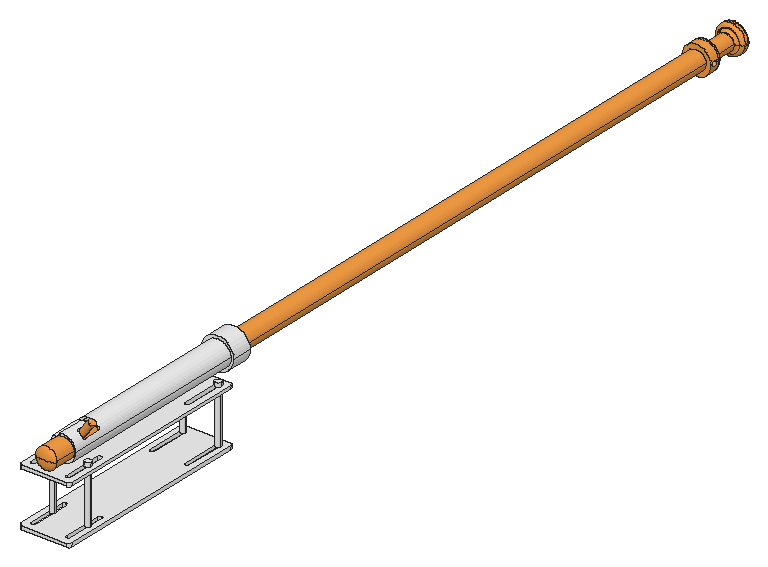
Revit family "Post-Precision_Ladders-Extend-A-Rail_Ladder_Safety_Post", category Specialty Equipment, host Face, Revit 2014
Parameters (values of type "Extended")
  Width = 0' - 4"
  URL = "http://www.precisionladders.com"
  Retracted [instance] = no
  Required Bracket Spacing [instance] = 0' - 4"
  Product Page URL = "http://www.precisionladders.com"
  Product Name = "Extend-A-Rail"  # constant formula
  Product Documentation Link = "http://www.precisionladders.com/assets/pladders/files/resources/Miscellaneous/c~Extend-A-Rail%20Ladder%20Safety%20Post/er-1.pdf"
  Model = "ER-1"  # constant formula
  Material = ""
  Manufacturer = "Precision Ladders,LLC"  # constant formula
  Length = 5' - 7 11/16"
  Finish = Polyurethane - Precision Ladders LLC - Safety Cap
  Extended [instance] = not(Retracted)  # yes
  Description = "Rail Extension"  # constant formula
  Default Elevation = 4' - 0"
  Additional Mat Finishes = Metal - Precision Ladders LLC - Aluminium
Types (3): name | Retracted | Required Bracket Spacing | Extended
  (no name) | no | 0' - 4" | yes
  Extended | no | 0' - 4" | yes
  Retracted | yes | 0' - 6" | no
Reference planes (in)
  plane 1 "Center (Front/Back)": y = 0
  plane 2: z = 0
  plane 3 "Center (Left/Right)": x = 0
  plane 4: z = 0.25
  plane 5: z = -4
  plane 6: z = -4.25
  plane 7: z = 0.5
  plane 8: z = -4.5
  plane 9: y = 58.9375
  plane 10: y = 58.6875
  plane 11: y = 57.0625
  plane 12: y = 56.8125
  plane 13: y = 13.6875
  plane 14: y = 13.4375
  plane 15: y = 11.8125
  plane 16: y = 11.5625
Forms (in)
  Extrusion 1, solid, material "Metal - Precision Ladders LLC - Aluminium" <- "Additional Mat Finishes"
    sketch origin (0, 0, 0) x (1, 0, 0) y (0, 1, 0)
      loop
        line (-2, 7.75) -> (-2, -7.75)
        arc (-2, -7.75) -> (-1.92678, -7.92678) -> (-1.75, -8) r 0.25
        line (-1.75, -8) -> (1.75, -8)
        arc (1.75, -8) -> (1.92678, -7.92678) -> (2, -7.75) r 0.25
        line (2, -7.75) -> (2, 7.75)
        arc (2, 7.75) -> (1.92678, 7.92678) -> (1.75, 8) r 0.25
        line (1.75, 8) -> (-1.75, 8)
        arc (-1.75, 8) -> (-1.92678, 7.92678) -> (-2, 7.75) r 0.25
      loop
        line (-1.5625, 7.3125) -> (-1.5625, 4.3125)
        arc (-1.5625, 4.3125) -> (-1.375, 4.125) -> (-1.1875, 4.3125) r 0.1875
        line (-1.1875, 4.3125) -> (-1.1875, 7.3125)
        arc (-1.1875, 7.3125) -> (-1.375, 7.5) -> (-1.5625, 7.3125) r 0.1875
      loop
        arc (1.5625, 7.3125) -> (1.375, 7.5) -> (1.1875, 7.3125) r 0.1875
        line (1.1875, 7.3125) -> (1.1875, 4.3125)
        arc (1.1875, 4.3125) -> (1.375, 4.125) -> (1.5625, 4.3125) r 0.1875
        line (1.5625, 4.3125) -> (1.5625, 7.3125)
      loop
        arc (-1.5625, -7.3125) -> (-1.375, -7.5) -> (-1.1875, -7.3125) r 0.1875
        line (-1.1875, -7.3125) -> (-1.1875, -4.3125)
        arc (-1.1875, -4.3125) -> (-1.375, -4.125) -> (-1.5625, -4.3125) r 0.1875
        line (-1.5625, -4.3125) -> (-1.5625, -7.3125)
      loop
        line (1.5625, -7.3125) -> (1.5625, -4.3125)
        arc (1.5625, -4.3125) -> (1.375, -4.125) -> (1.1875, -4.3125) r 0.1875
        line (1.1875, -4.3125) -> (1.1875, -7.3125)
        arc (1.1875, -7.3125) -> (1.375, -7.5) -> (1.5625, -7.3125) r 0.1875
    from 0 to 0.25
  Sweep 2, solid, material "Polyurethane - Precision Ladders LLC - Safety Cap" <- "Finish", visible <- "Extended"
    path origin (0, 0, 0) x (1, 0, 0) y (0, 1, 0)
      loop
        line (0, 10.5625) -> (0, 55.8125)
    profile origin (0, 33.1875, 0) x (-1, 0, 0) y (0, 0, 1)
      loop
        circle (0, 1.25) r 0.75
  Sweep 3, solid, material "Metal - Precision Ladders LLC - Aluminium" <- "Additional Mat Finishes"
    path origin (0, 0, 0) x (1, 0, 0) y (0, 1, 0)
      loop
        line (0, 10.5625) -> (0, 9)
    profile origin (0, 9.78125, 0) x (1, 0, 0) y (0, 0, 1)
      loop
        circle (0, 1.25) r 1.25
  Sweep 4, solid, material "Metal - Precision Ladders LLC - Aluminium" <- "Additional Mat Finishes"
    path origin (0, 0, 0) x (1, 0, 0) y (0, 1, 0)
      loop
        line (0, 9) -> (0, -6.125)
    profile origin (0, 1.4375, 0) x (1, 0, 0) y (0, 0, 1)
      loop
        circle (0, 1.25) r 1
      loop
        circle (0, 1.25) r 0.8125
  Sweep 5, solid, material "Polyurethane - Precision Ladders LLC - Safety Cap" <- "Finish", visible <- "Extended"
    path origin (0, 0, 0) x (1, 0, 0) y (0, 1, 0)
      loop
        line (0, 9) -> (0, -7.75)
    profile origin (0, 0.625, 0) x (1, 0, 0) y (0, 0, 1)
      loop
        circle (0, 1.25) r 0.8125
  Revolve 6, solid, material "Polyurethane - Precision Ladders LLC - Safety Cap" <- "Finish", visible <- "Extended"
    sketch origin (0, 0, 1.25) x (1, 0, 0) y (0, 1, 0)
      loop
        line (0, -7.75) -> (0, -8.0625)
        spline (0, -8.0625) -> (0.10605, -8.05983) -> (0.21029, -8.05185) -> (0.31093, -8.03871) -> (0.40625, -8.02063) -> (0.49462, -7.99792) -> (0.57452, -7.97097) -> (0.6446, -7.94024) -> (0.70365, -7.90625) -> (0.75065, -7.86959) -> (0.78481, -7.83088) -> (0.80555, -7.79079) -> (0.8125, -7.75)
        line (0.8125, -7.75) -> (0, -7.75)
      axis (0, -7.75) -> (0, -8.0625)
    angle from 0 to 360
  Sweep 7, void
    path origin (0, 0, 0) x (1, 0, 0) y (0, 1, 0)
      loop
        line (-0.5, -6.125) -> (-0.5, -3.625)
    profile origin (-0.5, -4.875, 0) x (-1, 0, 0) y (0, 0, 1)
      loop
        line (0.10938, 1.78742) -> (0.25, 1.91144)
        arc (0.25, 1.91144) -> (0.023, 2.10233) -> (-0.25, 2.21825) r 1
        line (-0.25, 2.21825) -> (-0.29687, 2.0367)
        arc (-0.29687, 2.0367) -> (-0.07506, 1.94252) -> (0.10938, 1.78742) r 0.8125
  Extrusion 8, void
    sketch origin (0, 0, -0.25) x (1, 0, 0) y (0, 0, 1)
      loop
        line (-0.75, 2.16144) -> (-0.60937, 2.03742)
        arc (-0.60937, 2.03742) -> (0.00589, 2.31248) -> (0.6171, 2.02853) r 0.8125
        line (0.6171, 2.02853) -> (0.75, 2.16144)
        arc (0.75, 2.16144) -> (0, 2.5) -> (-0.75, 2.16144) r 1
    from 3.625 to 4.125
  Sweep 9, solid, material "Polyurethane - Precision Ladders LLC - Safety Cap" <- "Finish", visible <- "Extended"
    path origin (0, 0, 0) x (1, 0, 0) y (0, 1, 0)
      loop
        line (0, 55.8125) -> (0, 56.5625)
    profile origin (0, 56.1875, 0) x (-1, 0, 0) y (0, 0, 1)
      loop
        circle (0, 1.25) r 1.125
  Sweep 10, void
    path origin (0, 0, 1.25) x (1, 0, 0) y (0, 1, 0)
      loop
        line (-1.17105, 56.1875) -> (1.1582, 56.1875)
    profile origin (-0.00643, 56.1875, 1.25) x (0, 1, 0) y (0, 0, 1)
      loop
        circle (0, 0) r 0.25
  Sweep 11, solid, material "Polyurethane - Precision Ladders LLC - Safety Cap" <- "Finish", visible <- "Extended"
    path origin (0, 0, 0) x (1, 0, 0) y (0, 0, 1)
      loop
        line (0, 1.20662) -> (1.35408, 3.00355)
    profile origin (0.67704, 0, 2.10508) x (-0.798636, 0, 0.601815) y (0, -1, 0)
      loop
        circle (0, 5) r 0.25
  Revolve 12, solid, material "Polyurethane - Precision Ladders LLC - Safety Cap" <- "Finish", visible <- "Extended"
    sketch origin (0, 0, 1.25) x (1, 0, 0) y (0, 1, 0)
      loop
        line (0, 56.5625) -> (0, 56.8125) -> (-0.875, 56.8125)
        arc (-0.875, 56.8125) -> (-1.05178, 56.73928) -> (-1.125, 56.5625) r 0.25
        line (-1.125, 56.5625) -> (0, 56.5625)
      axis (0, 56.8125) -> (0, 56.5625)
    angle from 0 to 360
  Revolve 13, solid, material "Polyurethane - Precision Ladders LLC - Safety Cap" <- "Finish", visible <- "Extended"
    sketch origin (0, 0, 1.25) x (1, 0, 0) y (0, 1, 0)
      loop
        line (0, 56.8125) -> (0, 57.0625) -> (-0.625, 57.0625)
        arc (-0.625, 57.0625) -> (-0.69822, 56.88573) -> (-0.875, 56.8125) r 0.25
        line (-0.875, 56.8125) -> (0, 56.8125)
      axis (0, 56.8125) -> (0, 57.0625)
    angle from 0 to 360
  Sweep 14, solid, material "Polyurethane - Precision Ladders LLC - Safety Cap" <- "Finish", visible <- "Extended"
    path origin (0, 0, 0) x (1, 0, 0) y (0, 1, 0)
      loop
        line (0, 57.0625) -> (0, 58.6875)
    profile origin (0, 57.875, 0) x (-1, 0, 0) y (0, 0, 1)
      loop
        circle (0, 1.25) r 0.625
  Revolve 15, solid, material "Polyurethane - Precision Ladders LLC - Safety Cap" <- "Finish", visible <- "Extended"
    sketch origin (0, 115.75001, 1.25) x (1, 0, 0) y (0, 1, 0)
      loop
        line (0, -56.5625) -> (-1.125, -56.5625)
        arc (-1.125, -56.5625) -> (-1.05178, -56.73928) -> (-0.875, -56.8125) r 0.25
        line (-0.875, -56.8125) -> (0, -56.8125) -> (0, -56.5625)
      axis (0, -56.8125) -> (0, -56.5625)
    angle from 0 to 360
  Revolve 16, solid, material "Polyurethane - Precision Ladders LLC - Safety Cap" <- "Finish", visible <- "Extended"
    sketch origin (0, 115.75001, 1.25) x (1, 0, 0) y (0, 1, 0)
      loop
        line (0, -56.8125) -> (-0.875, -56.8125)
        arc (-0.875, -56.8125) -> (-0.69822, -56.88573) -> (-0.625, -57.0625) r 0.25
        line (-0.625, -57.0625) -> (0, -57.0625) -> (0, -56.8125)
      axis (0, -56.8125) -> (0, -57.0625)
    angle from 0 to 360
  Sweep 17, solid, material "Polyurethane - Precision Ladders LLC - Safety Cap" <- "Finish", visible <- "Extended"
    path origin (0, 0, 0) x (1, 0, 0) y (0, 1, 0)
      loop
        line (0, 59.18751) -> (0, 59.43751)
    profile origin (0, 59.31251, 0) x (-1, 0, 0) y (0, 0, 1)
      loop
        circle (0, 1.25) r 1.125
  Revolve 18, solid, material "Polyurethane - Precision Ladders LLC - Safety Cap" <- "Finish", visible <- "Extended"
    sketch origin (0, 2.87501, 1.25) x (1, 0, 0) y (0, 1, 0)
      loop
        line (0, 56.5625) -> (0, 56.6875) -> (-1, 56.6875)
        arc (-1, 56.6875) -> (-1.08839, 56.65089) -> (-1.125, 56.5625) r 0.125
        line (-1.125, 56.5625) -> (0, 56.5625)
      axis (0, 56.6875) -> (0, 56.5625)
    angle from 0 to 360
  Extrusion 19, solid, material "Metal - Precision Ladders LLC - Aluminium" <- "Additional Mat Finishes"
    sketch origin (0, 0, -4.25) x (1, 0, 0) y (0, 1, 0)
      loop
        line (-2, 7.75) -> (-2, -7.75)
        arc (-2, -7.75) -> (-1.92678, -7.92678) -> (-1.75, -8) r 0.25
        line (-1.75, -8) -> (1.75, -8)
        arc (1.75, -8) -> (1.92678, -7.92678) -> (2, -7.75) r 0.25
        line (2, -7.75) -> (2, 7.75)
        arc (2, 7.75) -> (1.92678, 7.92678) -> (1.75, 8) r 0.25
        line (1.75, 8) -> (-1.75, 8)
        arc (-1.75, 8) -> (-1.92678, 7.92678) -> (-2, 7.75) r 0.25
      loop
        line (-1.5625, 7.3125) -> (-1.5625, 4.3125)
        arc (-1.5625, 4.3125) -> (-1.375, 4.125) -> (-1.1875, 4.3125) r 0.1875
        line (-1.1875, 4.3125) -> (-1.1875, 7.3125)
        arc (-1.1875, 7.3125) -> (-1.375, 7.5) -> (-1.5625, 7.3125) r 0.1875
      loop
        arc (1.5625, 7.3125) -> (1.375, 7.5) -> (1.1875, 7.3125) r 0.1875
        line (1.1875, 7.3125) -> (1.1875, 4.3125)
        arc (1.1875, 4.3125) -> (1.375, 4.125) -> (1.5625, 4.3125) r 0.1875
        line (1.5625, 4.3125) -> (1.5625, 7.3125)
      loop
        arc (-1.5625, -7.3125) -> (-1.375, -7.5) -> (-1.1875, -7.3125) r 0.1875
        line (-1.1875, -7.3125) -> (-1.1875, -4.3125)
        arc (-1.1875, -4.3125) -> (-1.375, -4.125) -> (-1.5625, -4.3125) r 0.1875
        line (-1.5625, -4.3125) -> (-1.5625, -7.3125)
      loop
        line (1.5625, -7.3125) -> (1.5625, -4.3125)
        arc (1.5625, -4.3125) -> (1.375, -4.125) -> (1.1875, -4.3125) r 0.1875
        line (1.1875, -4.3125) -> (1.1875, -7.3125)
        arc (1.1875, -7.3125) -> (1.375, -7.5) -> (1.5625, -7.3125) r 0.1875
    from 0 to 0.25
  Extrusion 20, solid, material "Metal - Precision Ladders LLC - Aluminium" <- "Additional Mat Finishes"
    sketch origin (0, 0, 0) x (1, 0, 0) y (0, 1, 0)
      loop
        circle (-1.375, 7.3125) r 0.1875
      loop
        circle (1.375, 7.3125) r 0.1875
      loop
        circle (1.375, -5.4375) r 0.1875
      loop
        circle (-1.375, -5.4375) r 0.1875
    from -4 to 0.25
  Extrusion 21, solid, material "Metal - Precision Ladders LLC - Aluminium" <- "Additional Mat Finishes"
    sketch origin (0, 0, 0) x (1, 0, 0) y (0, 1, 0)
      loop
        circle (-1.375, 7.3125) r 0.25
      loop
        circle (1.375, 7.3125) r 0.25
      loop
        circle (1.375, -5.4375) r 0.25
      loop
        circle (-1.375, -5.4375) r 0.25
    from -4.5 to -4.25
  Extrusion 22, solid, material "Metal - Precision Ladders LLC - Aluminium" <- "Additional Mat Finishes"
    sketch origin (0, 0, 8) x (1, 0, 0) y (0, 1, 0)
      loop
        circle (-1.375, 7.3125) r 0.25
      loop
        circle (1.375, 7.3125) r 0.25
      loop
        circle (1.375, -5.4375) r 0.25
      loop
        circle (-1.375, -5.4375) r 0.25
    from -7.75 to -7.5
  Sweep 23, void
    path origin (0, 0, 0) x (-1, 0, 0) y (0, 1, 0)
      loop
        line (-0.5, -5.24811) -> (-0.5, -3.625)
    profile origin (0.5, -4.43656, 0) x (-1, 0, 0) y (0, 0, 1)
      loop
        arc (-0.21695, 1.63229) -> (-0.02672, 1.86865) -> (0.23696, 2.01874) r 0.8125
        line (0.23696, 2.01874) -> (0.18997, 2.20073)
        arc (0.18997, 2.20073) -> (-0.12564, 2.03011) -> (-0.36072, 1.75908) r 1
        line (-0.36072, 1.75908) -> (-0.21695, 1.63229)
  Sweep 24, solid, material "Polyurethane - Precision Ladders LLC - Safety Cap" <- "Finish", visible <- "Retracted"
    path origin (0, -45.25, 0) x (1, 0, 0) y (0, 1, 0)
      loop
        line (0, 55.8125) -> (0, -7.75)
    profile origin (0, -21.21875, 0) x (1, 0, 0) y (0, 0, 1)
      loop
        circle (0, 1.25) r 0.8125
  Revolve 25, solid, material "Polyurethane - Precision Ladders LLC - Safety Cap" <- "Finish", visible <- "Retracted"
    sketch origin (0, -45.25, 1.25) x (1, 0, 0) y (0, 1, 0)
      loop
        line (0, -7.75) -> (0, -8.0625)
        spline (0, -8.0625) -> (0.10605, -8.05983) -> (0.21029, -8.05185) -> (0.31093, -8.03871) -> (0.40625, -8.02063) -> (0.49462, -7.99792) -> (0.57452, -7.97097) -> (0.6446, -7.94024) -> (0.70365, -7.90625) -> (0.75065, -7.86959) -> (0.78481, -7.83088) -> (0.80555, -7.79079) -> (0.8125, -7.75)
        line (0.8125, -7.75) -> (0, -7.75)
      axis (0, -7.75) -> (0, -8.0625)
    angle from 0 to 360
  Sweep 26, solid, material "Polyurethane - Precision Ladders LLC - Safety Cap" <- "Finish", visible <- "Retracted"
    path origin (0, -45.25, 0) x (1, 0, 0) y (0, 1, 0)
      loop
        line (0, 55.8125) -> (0, 56.5625)
    profile origin (0, 10.9375, 0) x (-1, 0, 0) y (0, 0, 1)
      loop
        circle (0, 1.25) r 1.125
  Sweep 27, void
    path origin (0, -45.25, 1.25) x (1, 0, 0) y (0, 1, 0)
      loop
        line (-1.17105, 56.1875) -> (1.1582, 56.1875)
    profile origin (-0.00643, 10.9375, 1.25) x (0, 1, 0) y (0, 0, 1)
      loop
        circle (0, 0) r 0.25
  Sweep 28, solid, material "Polyurethane - Precision Ladders LLC - Safety Cap" <- "Finish", visible <- "Retracted"
    path origin (0, -45.25, 0) x (1, 0, 0) y (0, 0, 1)
      loop
        line (0, 1.20662) -> (1.35408, 3.00355)
    profile origin (0.67704, -45.25, 2.10508) x (-0.798636, 0, 0.601815) y (0, -1, 0)
      loop
        circle (0, 5) r 0.25
  Revolve 29, solid, material "Polyurethane - Precision Ladders LLC - Safety Cap" <- "Finish", visible <- "Retracted"
    sketch origin (0, -45.25, 1.25) x (1, 0, 0) y (0, 1, 0)
      loop
        line (0, 56.5625) -> (0, 56.8125) -> (-0.875, 56.8125)
        arc (-0.875, 56.8125) -> (-1.05178, 56.73928) -> (-1.125, 56.5625) r 0.25
        line (-1.125, 56.5625) -> (0, 56.5625)
      axis (0, 56.8125) -> (0, 56.5625)
    angle from 0 to 360
  Revolve 30, solid, material "Polyurethane - Precision Ladders LLC - Safety Cap" <- "Finish", visible <- "Retracted"
    sketch origin (0, -45.25, 1.25) x (1, 0, 0) y (0, 1, 0)
      loop
        line (0, 56.8125) -> (0, 57.0625) -> (-0.625, 57.0625)
        arc (-0.625, 57.0625) -> (-0.69822, 56.88573) -> (-0.875, 56.8125) r 0.25
        line (-0.875, 56.8125) -> (0, 56.8125)
      axis (0, 56.8125) -> (0, 57.0625)
    angle from 0 to 360
  Sweep 31, solid, material "Polyurethane - Precision Ladders LLC - Safety Cap" <- "Finish", visible <- "Retracted"
    path origin (0, -45.25, 0) x (1, 0, 0) y (0, 1, 0)
      loop
        line (0, 57.0625) -> (0, 58.6875)
    profile origin (0, 12.625, 0) x (-1, 0, 0) y (0, 0, 1)
      loop
        circle (0, 1.25) r 0.625
  Revolve 32, solid, material "Polyurethane - Precision Ladders LLC - Safety Cap" <- "Finish", visible <- "Retracted"
    sketch origin (0, 70.50001, 1.25) x (1, 0, 0) y (0, 1, 0)
      loop
        line (0, -56.5625) -> (-1.125, -56.5625)
        arc (-1.125, -56.5625) -> (-1.05178, -56.73928) -> (-0.875, -56.8125) r 0.25
        line (-0.875, -56.8125) -> (0, -56.8125) -> (0, -56.5625)
      axis (0, -56.8125) -> (0, -56.5625)
    angle from 0 to 360
  Revolve 33, solid, material "Polyurethane - Precision Ladders LLC - Safety Cap" <- "Finish", visible <- "Retracted"
    sketch origin (0, 70.50001, 1.25) x (1, 0, 0) y (0, 1, 0)
      loop
        line (0, -56.8125) -> (-0.875, -56.8125)
        arc (-0.875, -56.8125) -> (-0.69822, -56.88573) -> (-0.625, -57.0625) r 0.25
        line (-0.625, -57.0625) -> (0, -57.0625) -> (0, -56.8125)
      axis (0, -56.8125) -> (0, -57.0625)
    angle from 0 to 360
  Sweep 34, solid, material "Polyurethane - Precision Ladders LLC - Safety Cap" <- "Finish", visible <- "Retracted"
    path origin (0, -45.25, 0) x (1, 0, 0) y (0, 1, 0)
      loop
        line (0, 59.18751) -> (0, 59.43751)
    profile origin (0, 14.06251, 0) x (-1, 0, 0) y (0, 0, 1)
      loop
        circle (0, 1.25) r 1.125
  Revolve 35, solid, material "Polyurethane - Precision Ladders LLC - Safety Cap" <- "Finish", visible <- "Retracted"
    sketch origin (0, -42.37499, 1.25) x (1, 0, 0) y (0, 1, 0)
      loop
        line (0, 56.5625) -> (0, 56.6875) -> (-1, 56.6875)
        arc (-1, 56.6875) -> (-1.08839, 56.65089) -> (-1.125, 56.5625) r 0.125
        line (-1.125, 56.5625) -> (0, 56.5625)
      axis (0, 56.6875) -> (0, 56.5625)
    angle from 0 to 360
Cuts and joins
  Sweep 7, Extrusion 8, Sweep 23 cuts Sweep 4
  Sweep 27 cuts Sweep 2
  Sweep 27 cuts Sweep 5
  Sweep 27 cuts Revolve 6
  Sweep 10, Sweep 27 cuts Sweep 9
  Sweep 27 cuts Sweep 11
  Sweep 27 cuts Revolve 12
  Sweep 27 cuts Sweep 14
  Sweep 27 cuts Revolve 15
  Sweep 27 cuts Sweep 17
  Sweep 27 cuts Revolve 18
  joined: Sweep 2, Sweep 5, Revolve 6, Sweep 9, Sweep 11, Revolve 12, Sweep 14, Revolve 15, Sweep 17, Revolve 18
  Sweep 27 cuts Sweep 26
  joined: Sweep 24, Revolve 25, Sweep 26, Sweep 28, Revolve 29, Sweep 31, Revolve 32, Sweep 34, Revolve 35
Lines and regions (in)
  Masking region 1
    outline origin (0, 0, 0) x (1, 0, 0) y (0, 0, 1)
      loop
        circle (0, 1.25) r 1
  Masking region 2
    outline origin (0, 0, 0) x (1, 0, 0) y (0, 0, 1)
      loop
        line (2, 0.25) -> (-2, 0.25) -> (-2, 0) -> (2, 0) -> (2, 0.25)
  Masking region 3
    outline origin (0, 0, 0) x (1, 0, 0) y (0, 0, 1)
      loop
        circle (0, 1.25) r 1.25
  Masking region 4
    outline origin (0, 0, 0) x (1, 0, 0) y (0, 0, 1)
      loop
        arc (0.40674, 2.16354) -> (-0.62271, 0.46755) -> (0.79893, 1.85142) r 1
        line (0.79893, 1.85142) -> (1.55374, 2.85309) -> (1.15358, 3.15464) -> (0.40674, 2.16354)
  Masking region 5
    outline origin (0, 0, 0) x (1, 0, 0) y (0, 0, 1)
      loop
        line (2, 0.25) -> (-2, 0.25) -> (-2, 0) -> (2, 0) -> (2, 0.25)
  Masking region 6
    outline origin (0, 0, 0) x (1, 0, 0) y (0, 0, 1)
      loop
        line (-1.125, 0.5) -> (-1.625, 0.5) -> (-1.625, 0.25) -> (-1.125, 0.25) -> (-1.125, 0.5)
      loop
        line (1.625, 0.5) -> (1.125, 0.5) -> (1.125, 0.25) -> (1.625, 0.25) -> (1.625, 0.5)
  Masking region 7
    outline origin (0, 0, 0) x (1, 0, 0) y (0, 0, 1)
      loop
        line (-2, -4.25) -> (2, -4.25) -> (2, -4) -> (-2, -4) -> (-2, -4.25)
  Masking region 8
    outline origin (0, 0, 0) x (1, 0, 0) y (0, 0, 1)
      loop
        line (-1.625, -4.25) -> (-1.625, -4.5) -> (-1.125, -4.5) -> (-1.125, -4.25) -> (-1.625, -4.25)
      loop
        line (1.125, -4.5) -> (1.625, -4.5) -> (1.625, -4.25) -> (1.125, -4.25) -> (1.125, -4.5)
  Masking region 9
    outline origin (0, 0, 0) x (1, 0, 0) y (0, 0, 1)
      loop
        line (-1.5625, 0.25) -> (-1.5625, -4.25) -> (-1.1875, -4.25) -> (-1.1875, 0.25) -> (-1.5625, 0.25)
      loop
        line (1.1875, 0.25) -> (1.1875, -4.25) -> (1.5625, -4.25) -> (1.5625, 0.25) -> (1.1875, 0.25)
  model lines
    curve 1: line (-1.25, 0, 1.25) -> (1.25, 0, 1.25)
Dimensions and locks (in)
  locked: Extrusion 1 sketch curve to Extrusion 1 sketch curve at 4
  equal spacing: Extrusion 1 sketch curve, plane 3 "Center (Left/Right)", Extrusion 1 sketch curve
  equal spacing: Extrusion 1 sketch curve, plane 1 "Center (Front/Back)", Extrusion 1 sketch curve
  locked: Extrusion 1 sketch curve to Extrusion 1 sketch curve at 16
  locked: plane 4 to plane 2 at 0.25
  locked: Extrusion 19 sketch curve to Extrusion 19 sketch curve at 4
  locked: Extrusion 19 sketch curve to Extrusion 19 sketch curve at 16
  locked: plane 7 to plane 4 at 0.25
  "Required Bracket Spacing": plane 2 to plane 5
  locked: plane 6 to plane 5 at 0.25
  locked: plane 6 to plane 8 at 0.25
  Sweep 2 sketch curve to Sweep 2 sketch curve to plane 1 "Center (Front/Back)" = 3' - 9 1/4" locked, 0' - 10 9/16" locked
  locked: Sweep 2 sketch curve to plane 2 at 1.25
  locked: Sweep 3 sketch curve to plane 2 at 1.25
  Sweep 3 sketch curve to Sweep 3 sketch curve to plane 1 "Center (Front/Back)" = 0' - 1 9/16" locked, 0' - 9" locked
  Sweep 4 sketch curve to plane 1 "Center (Front/Back)" to Sweep 4 sketch curve = 0' - 6 1/8" locked, 0' - 9" locked
  locked: Sweep 4 sketch curve to plane 2 at 1.25  (x2)
  Sweep 5 sketch curve to plane 1 "Center (Front/Back)" to Sweep 5 sketch curve = 0' - 9" locked, 0' - 7 3/4" locked
  locked: Sweep 5 sketch curve to plane 2 at 1.25
  plane 1 "Center (Front/Back)" to Revolve 6 sketch curve to Revolve 6 sketch curve = 0' - 3.31268" locked, 0' - 7" locked
  locked: Revolve 6 sketch curve to plane 1 "Center (Front/Back)" at 7.75  (x2)
  locked: Revolve 6 sketch curve to Revolve 6 sketch curve at 0.8125
  locked: Sweep 7 sketch curve to plane 3 "Center (Left/Right)" at 0.5
  Sweep 7 sketch curve to Sweep 7 sketch curve to plane 1 "Center (Front/Back)" = 0' - 2 1/2" locked, 0' - 3 5/8" locked
  locked: Extrusion 8 sketch curve to plane 2 at 2.25
  locked: Extrusion 8 sketch curve to plane 2 at 2.0625
  Extrusion 8 sketch curve to plane 3 "Center (Left/Right)" to Extrusion 8 sketch curve = 0' - 0.6171" locked, 0' - 0 39/64" locked
  Extrusion 8 sketch curve to plane 3 "Center (Left/Right)" to Extrusion 8 sketch curve = 0' - 0 3/4" locked, 0' - 0 3/4" locked
  locked: Sweep 9 sketch curve to plane 2 at 1.25
  Sweep 9 sketch curve to Sweep 9 sketch curve to plane 1 "Center (Front/Back)" = 0' - 0 3/4" locked, 4' - 7 13/16" locked
  Sweep 10 sketch curve to plane 3 "Center (Left/Right)" to Sweep 10 sketch curve = 0' - 1.17105" locked, 0' - 1.1582" locked
  locked: plane 1 "Center (Front/Back)" to Sweep 10 sketch curve at 56.1875
  locked: Sweep 10 sketch curve to plane 12 at 0.625
  locked: Sweep 10 sketch curve to plane 4 at 1
  locked: Sweep 11 sketch curve to plane 3 "Center (Left/Right)" at 0
  locked: Sweep 11 sketch curve to plane 3 "Center (Left/Right)" at 1.35408
  locked: Sweep 11 sketch curve to Sweep 11 sketch curve at 2.25
  locked: Sweep 11 sketch curve to plane 1 "Center (Front/Back)" at 5
  locked: Sweep 11 sketch curve to plane 2 at 2.10508
  Revolve 12 sketch curve to Revolve 12 sketch curve to plane 1 "Center (Front/Back)" = 0' - 2 1/4" locked, 4' - 7.17648" locked
  Revolve 12 sketch curve to Revolve 12 sketch curve to plane 1 "Center (Front/Back)" = 0' - 0 1/4" locked, 4' - 8 9/16" locked
  locked: Revolve 12 sketch curve to plane 3 "Center (Left/Right)" at 0.875
  locked: plane 1 "Center (Front/Back)" to Revolve 12 sketch curve at 56.5625
  Revolve 13 sketch curve to Revolve 13 sketch curve to plane 1 "Center (Front/Back)" = 0' - 0 1/4" locked, 4' - 8 13/16" locked
  locked: Revolve 13 sketch curve to plane 3 "Center (Left/Right)" at 0.875
  locked: plane 1 "Center (Front/Back)" to Revolve 13 sketch curve at 57.0625
  Sweep 14 sketch curve to Sweep 14 sketch curve to plane 1 "Center (Front/Back)" = 0' - 1 5/8" locked, 4' - 9 1/16" locked
  locked: Sweep 14 sketch curve to plane 2 at 1.25
  Revolve 15 sketch curve to Revolve 15 sketch curve to plane 1 "Center (Front/Back)" = 0' - 0 1/4" locked, 4' - 10 15/16" locked
  locked: Revolve 15 sketch curve to plane 3 "Center (Left/Right)" at 0.875
  locked: plane 1 "Center (Front/Back)" to Revolve 15 sketch curve at 59.18751
  locked: Revolve 16 sketch curve to plane 3 "Center (Left/Right)" at 0.875
  locked: plane 1 "Center (Front/Back)" to Revolve 16 sketch curve at 58.6875
  locked: Revolve 16 sketch curve to Revolve 16 sketch curve at 0.25
  plane 1 "Center (Front/Back)" to Sweep 17 sketch curve to Sweep 17 sketch curve = 4' - 11 3/16" locked, 0' - 0 1/4"
  locked: Sweep 17 sketch curve to plane 2 at 1.25
  Revolve 18 sketch curve to Revolve 18 sketch curve to plane 1 "Center (Front/Back)" = 0' - 0 1/8" locked, 4' - 11 7/16" locked
  locked: Revolve 18 sketch curve to plane 3 "Center (Left/Right)" at 1
  locked: plane 1 "Center (Front/Back)" to Revolve 18 sketch curve at 59.43751
  locked: Extrusion 19 sketch curve to Extrusion 19 sketch curve at 0.4375
  locked: Extrusion 19 sketch curve to Extrusion 19 sketch curve at 0.375
  Extrusion 19 sketch curve to Extrusion 19 sketch curve to Extrusion 19 sketch curve = 0' - 0 3/8" locked, 0' - 0 7/16" locked  (x2)
  Extrusion 19 sketch curve to Extrusion 19 sketch curve to Extrusion 19 sketch curve = 0' - 0 7/16" locked, 0' - 0 3/8" locked
  Extrusion 19 sketch curve to Extrusion 19 sketch curve to Extrusion 19 sketch curve = 0' - 0 11/16" locked, 0' - 3" locked  (x3)
  Extrusion 19 sketch curve to Extrusion 19 sketch curve to Extrusion 19 sketch curve = 0' - 3" locked, 0' - 0 11/16" locked
  Extrusion 20 sketch curve to plane 3 "Center (Left/Right)" to Extrusion 20 sketch curve = 0' - 1 3/8" locked, 0' - 1 3/8" locked  (x2)
  Extrusion 20 sketch curve to plane 1 "Center (Front/Back)" to Extrusion 20 sketch curve = 0' - 5 7/16" locked, 0' - 7 5/16" locked  (x2)
  Extrusion 21 sketch curve to plane 3 "Center (Left/Right)" to Extrusion 21 sketch curve = 0' - 1 3/8" locked, 0' - 1 3/8" locked  (x2)
  Extrusion 21 sketch curve to plane 1 "Center (Front/Back)" to Extrusion 21 sketch curve = 0' - 5 7/16" locked, 0' - 7 5/16" locked
  Extrusion 21 sketch curve to plane 1 "Center (Front/Back)" to Extrusion 21 sketch curve = 0' - 7 5/16" locked, 0' - 5 7/16" locked
  Extrusion 22 sketch curve to plane 3 "Center (Left/Right)" to Extrusion 22 sketch curve = 0' - 1 3/8" locked, 0' - 1 3/8" locked  (x2)
  Extrusion 22 sketch curve to plane 1 "Center (Front/Back)" to Extrusion 22 sketch curve = 0' - 5 7/16" locked, 0' - 7 5/16" locked  (x2)
  locked: plane 3 "Center (Left/Right)" to Sweep 23 sketch curve at 0.5
  Sweep 23 sketch curve to Sweep 23 sketch curve to plane 1 "Center (Front/Back)" = 0' - 1.62311" locked, 0' - 3 5/8" locked
  locked: Sweep 23 sketch curve to Sweep 23 sketch curve at 0.59614
  locked: Sweep 23 sketch curve to Sweep 23 sketch curve at 0.70591
  Sweep 24 sketch curve to plane 1 "Center (Front/Back)" to Sweep 24 sketch curve = 4' - 5" locked, 0' - 10 9/16" locked
  locked: Sweep 24 sketch curve to profile plane at 1.25
  locked: Revolve 25 sketch curve to plane 1 "Center (Front/Back)" at 53  (x2)
  Sweep 26 sketch curve to Sweep 26 sketch curve to plane 1 "Center (Front/Back)" = 0' - 0 3/4" locked, 0' - 10 9/16" locked
  locked: Sweep 26 sketch curve to plane 2 at 1.25
  Sweep 27 sketch curve to plane 3 "Center (Left/Right)" to Sweep 27 sketch curve = 0' - 1.17105" locked, 0' - 1.1582" locked
  locked: plane 1 "Center (Front/Back)" to Sweep 27 sketch curve at 10.9375  (x2)
  locked: Sweep 27 sketch curve to plane 2 at 1.25
  locked: Sweep 28 sketch curve to plane 3 "Center (Left/Right)" at 0
  locked: Sweep 28 sketch curve to plane 3 "Center (Left/Right)" at 1.35408
  locked: Sweep 28 sketch curve to Sweep 28 sketch curve at 2.25
  locked: Sweep 28 sketch curve to plane 2 at 2.10508
  locked: Sweep 28 sketch curve to plane 1 "Center (Front/Back)" at 50.25
  locked: Revolve 29 sketch curve to Revolve 29 sketch curve at 0.25
  locked: Revolve 29 sketch curve to plane 1 "Center (Front/Back)" at 11.3125
  locked: Revolve 29 sketch curve to plane 3 "Center (Left/Right)" at 0.875
  locked: plane 1 "Center (Front/Back)" to Revolve 29 sketch curve at 11.3125
  Revolve 30 sketch curve to Revolve 30 sketch curve to plane 1 "Center (Front/Back)" = 0' - 0 1/4" locked, 0' - 11 9/16" locked
  locked: Revolve 30 sketch curve to plane 3 "Center (Left/Right)" at 0.875
  locked: plane 1 "Center (Front/Back)" to Revolve 30 sketch curve at 11.8125
  Sweep 31 sketch curve to Sweep 31 sketch curve to plane 1 "Center (Front/Back)" = 0' - 1 5/8" locked, 0' - 11 13/16" locked
  locked: plane 2 to Sweep 31 sketch curve at 1.25
  Revolve 32 sketch curve to Revolve 32 sketch curve to plane 1 "Center (Front/Back)" = 0' - 0 1/4" locked, 1' - 1 11/16" locked
  locked: Revolve 32 sketch curve to plane 3 "Center (Left/Right)" at 0.875
  locked: plane 1 "Center (Front/Back)" to Revolve 32 sketch curve at 13.93751
  Revolve 33 sketch curve to Revolve 33 sketch curve to plane 1 "Center (Front/Back)" = 0' - 0 1/4" locked, 1' - 1 7/16" locked
  locked: Revolve 33 sketch curve to plane 3 "Center (Left/Right)" at 0.875
  locked: plane 1 "Center (Front/Back)" to Revolve 33 sketch curve at 13.4375
  Sweep 34 sketch curve to Sweep 34 sketch curve to plane 1 "Center (Front/Back)" = 0' - 0 1/4" locked, 1' - 1 15/16" locked
  locked: Sweep 34 sketch curve to plane 2 at 1.25
  Revolve 35 sketch curve to Revolve 35 sketch curve to plane 1 "Center (Front/Back)" = 0' - 0 1/8" locked, 1' - 2 3/16" locked
  locked: Revolve 35 sketch curve to plane 3 "Center (Left/Right)" at 1
  locked: plane 1 "Center (Front/Back)" to Revolve 35 sketch curve at 14.18751
  equal spacing: Extrusion 19 sketch curve, plane 1 "Center (Front/Back)", Extrusion 19 sketch curve, locked at 8 each
  equal spacing: Extrusion 19 sketch curve, plane 3 "Center (Left/Right)", Extrusion 19 sketch curve, locked at 2 each
  locked: Revolve 6 sketch curve to plane 2 at 1.25
  locked: Revolve 12 sketch curve to plane 2 at 1.25
  locked: Revolve 13 sketch curve to plane 2 at 1.25
  locked: Revolve 15 sketch curve to plane 2 at 1.25
  locked: Revolve 16 sketch curve to plane 2 at 1.25
  locked: Revolve 18 sketch curve to plane 2 at 1.25
  locked: Revolve 25 sketch curve to plane 2 at 1.25
  locked: Revolve 29 sketch curve to plane 2 at 1.25
  locked: Revolve 30 sketch curve to plane 2 at 1.25
  locked: Revolve 32 sketch curve to plane 2 at 1.25
  locked: Revolve 33 sketch curve to plane 2 at 1.25
  locked: Revolve 35 sketch curve to plane 2 at 1.25
  aligned and locked: plane 2 to host face
  aligned and locked: level to host face
  aligned and locked: Extrusion 8 to Sweep 7
  aligned and locked: plane 4 to Extrusion 20
  aligned and locked: plane 4 to Extrusion 1
  aligned and locked: Extrusion 22 to Extrusion 1
  aligned and locked: Extrusion 21 to Extrusion 19
  aligned and locked: plane 7 to Extrusion 22
  aligned and locked: Extrusion 21 to plane 8
  aligned and locked: plane 12 to Revolve 13
  aligned and locked: plane 11 to Revolve 13
  aligned and locked: plane 11 to cut or joined group of Sweep 2, Sweep 5, Revolve 6, Sweep 9, Sweep 10, Sweep 11, Revolve 12, Sweep 14, Revolve 15, Sweep 17, Revolve 18, Sweep 27
  aligned and locked: plane 10 to Revolve 16
  aligned and locked: plane 9 to Revolve 16
  aligned and locked: plane 16 to Revolve 30
  aligned and locked: plane 15 to Revolve 30
  aligned and locked: plane 14 to Revolve 33
  aligned and locked: plane 13 to Revolve 33
  aligned and locked: plane 5 to Extrusion 19
  aligned and locked: Extrusion 20 to Extrusion 19
  aligned and locked: plane 6 to Extrusion 19
  aligned and locked: Masking region 5 sketch curve to Extrusion 1  (x4)
  aligned and locked: Extrusion 22 to Masking region 6 sketch curve  (x2)
  aligned and locked: Masking region 6 sketch curve to Extrusion 22  (x6)
  aligned and locked: Masking region 7 sketch curve to Extrusion 19  (x4)
  aligned and locked: Masking region 8 sketch curve to Extrusion 21  (x7)
  aligned and locked: Extrusion 21 to Masking region 8 sketch curve
  aligned and locked: Masking region 9 sketch curve to Extrusion 1  (x2)
  aligned and locked: Masking region 9 sketch curve to Extrusion 19  (x2)
  aligned and locked: Masking region 9 sketch curve to plane 4  (x2)
  aligned and locked: Masking region 9 sketch curve to plane 6  (x2)
  aligned and locked: plane 3 "Center (Left/Right)" to Sweep 2 sketch curve  (x2)
  aligned and locked: plane 3 "Center (Left/Right)" to Sweep 3 sketch curve
  aligned and locked: Sweep 3 sketch curve to plane 3 "Center (Left/Right)"
  aligned and locked: Sweep 4 sketch curve to plane 3 "Center (Left/Right)"
  aligned and locked: plane 3 "Center (Left/Right)" to Sweep 4 sketch curve  (x2)
  aligned and locked: Sweep 5 sketch curve to plane 3 "Center (Left/Right)"
  aligned and locked: plane 3 "Center (Left/Right)" to Sweep 5 sketch curve
  aligned and locked: Revolve 6 sketch curve to plane 3 "Center (Left/Right)"
  aligned and locked: plane 3 "Center (Left/Right)" to Revolve 6 sketch curve
  aligned and locked: plane 3 "Center (Left/Right)" to Sweep 9 sketch curve
  aligned and locked: Revolve 12 sketch curve to plane 3 "Center (Left/Right)"
  aligned and locked: plane 3 "Center (Left/Right)" to Revolve 13 sketch curve  (x2)
  aligned and locked: plane 3 "Center (Left/Right)" to Sweep 14 sketch curve  (x2)
  aligned and locked: plane 3 "Center (Left/Right)" to Revolve 15 sketch curve
  aligned and locked: Revolve 15 sketch curve to plane 3 "Center (Left/Right)"
  aligned and locked: Revolve 16 sketch curve to plane 3 "Center (Left/Right)"
  aligned and locked: plane 3 "Center (Left/Right)" to Sweep 17 sketch curve  (x2)
  aligned and locked: Revolve 18 sketch curve to plane 3 "Center (Left/Right)"
  aligned and locked: plane 3 "Center (Left/Right)" to Sweep 23 sketch curve  (x2)
  aligned and locked: Sweep 24 sketch curve to plane 3 "Center (Left/Right)"
  aligned and locked: plane 3 "Center (Left/Right)" to Sweep 24 sketch curve
  aligned and locked: Revolve 25 sketch curve to plane 3 "Center (Left/Right)"
  aligned and locked: plane 3 "Center (Left/Right)" to Revolve 25 sketch curve
  aligned and locked: plane 3 "Center (Left/Right)" to Sweep 26 sketch curve  (x2)
  aligned and locked: Revolve 29 sketch curve to plane 3 "Center (Left/Right)"
  aligned and locked: plane 3 "Center (Left/Right)" to Revolve 30 sketch curve
  aligned and locked: plane 3 "Center (Left/Right)" to Sweep 31 sketch curve  (x2)
  aligned and locked: plane 3 "Center (Left/Right)" to Revolve 32 sketch curve
  aligned and locked: Revolve 33 sketch curve to plane 3 "Center (Left/Right)"
  aligned and locked: plane 3 "Center (Left/Right)" to Sweep 34 sketch curve  (x2)
  aligned and locked: Revolve 35 sketch curve to plane 3 "Center (Left/Right)"
  aligned and locked: Sweep 7 sketch curve to plane 2
  aligned and locked: Sweep 23 sketch curve to plane 2
Automatic sketch dimensions
  host sketch curve to host sketch curve = 8' - 0"
  host sketch curve to host sketch curve = 10' - 7"
  Extrusion 1 sketch curve to Extrusion 1 sketch curve = 0' - 0 1/4"  (x4)
  Extrusion 1 sketch curve to Extrusion 1 sketch curve = 0' - 0 3/16"  (x6)
  plane 3 "Center (Left/Right)" to Extrusion 1 sketch curve = 0' - 1 3/16"  (x2)
  Extrusion 1 sketch curve to Extrusion 1 sketch curve = 0' - 0 7/16"  (x4)
  Extrusion 1 sketch curve to Extrusion 1 sketch curve = 0' - 3"
  Extrusion 1 sketch curve to Extrusion 1 sketch curve = 0' - 0"  (x2)
  Extrusion 1 sketch curve to Extrusion 1 sketch curve = 0' - 3 7/16"
  Revolve 6 sketch curve to Revolve 6 sketch curve = 0' - 0 5/16"
  Sweep 7 sketch curve to Sweep 7 sketch curve = 0' - 0"  (x2)
  profile plane to Sweep 7 sketch curve = 0' - 0 1/2"
  profile plane to Sweep 7 sketch curve = 0' - 0 19/64"
  Sweep 7 sketch curve to Sweep 7 sketch curve = 0' - 0 3/64"
  Sweep 7 sketch curve to profile plane = 0' - 0 7/64"
  Sweep 7 sketch curve to Sweep 7 sketch curve = 0' - 0 9/64"
  level to Sweep 7 sketch curve = 0' - 1 1/4"
  Sweep 7 sketch curve to Sweep 7 sketch curve = 0' - 0.53742"
  Sweep 7 sketch curve to Sweep 7 sketch curve = 0' - 0.12402"
  Extrusion 8 sketch curve to Extrusion 8 sketch curve = 0' - 0"  (x2)
  Extrusion 8 sketch curve to plane 3 "Center (Left/Right)" = 0' - 0"
  Extrusion 8 sketch curve to Extrusion 8 sketch curve = 0' - 0.1329"
  Sweep 9 sketch curve to plane 3 "Center (Left/Right)" = 0' - 0"
  plane 7 to Sweep 11 sketch curve = 0' - 0.70662"
  Sweep 11 sketch curve to profile plane = 0' - 0"
  Revolve 12 sketch curve to plane 3 "Center (Left/Right)" = 0' - 0"
  Revolve 13 sketch curve to plane 12 = 0' - 0"
  Revolve 13 sketch curve to Revolve 13 sketch curve = 0' - 0"
  Revolve 13 sketch curve to plane 12 = 0' - 0.42102"
  Revolve 13 sketch curve to Revolve 13 sketch curve = 0' - 0.25937"
  Revolve 15 sketch curve to plane 10 = 0' - 0.36398"
  Revolve 15 sketch curve to Revolve 15 sketch curve = 0' - 1.38602"
  Revolve 16 sketch curve to plane 9 = 0' - 0"
  Revolve 16 sketch curve to plane 3 "Center (Left/Right)" = 0' - 0"
  Revolve 16 sketch curve to Revolve 16 sketch curve = 0' - 0"
  Revolve 16 sketch curve to plane 10 = 0' - 0.25937"
  Revolve 16 sketch curve to Revolve 16 sketch curve = 0' - 0.42102"
  Revolve 18 sketch curve to plane 3 "Center (Left/Right)" = 0' - 0"
  Revolve 18 sketch curve to plane 10 = 0' - 0.63602"
  Revolve 18 sketch curve to Revolve 18 sketch curve = 0' - 0.73898"
  Extrusion 19 sketch curve to Extrusion 19 sketch curve = 0' - 0 3/16"  (x2)
  Extrusion 19 sketch curve to Extrusion 19 sketch curve = 0' - 0 1/4"  (x2)
  Sweep 23 sketch curve to Sweep 23 sketch curve = 0' - 0"
  Sweep 23 sketch curve to Sweep 23 sketch curve = 0' - 0.14377"
  Sweep 23 sketch curve to profile plane = 0' - 0.18997"
  Sweep 23 sketch curve to Sweep 23 sketch curve = 0' - 0.04699"
  level to Sweep 23 sketch curve = 0' - 1 1/4"
  Sweep 23 sketch curve to Sweep 23 sketch curve = 0' - 0.12679"
  Revolve 25 sketch curve to Revolve 25 sketch curve = 0' - 0 13/16"
  Revolve 25 sketch curve to Revolve 25 sketch curve = 0' - 0 5/16"
  Revolve 25 sketch curve to Revolve 25 sketch curve = 0' - 2.25018"
  Revolve 25 sketch curve to Revolve 25 sketch curve = 0' - 4.43732"
  plane 7 to Sweep 28 sketch curve = 0' - 0.70662"
  Sweep 28 sketch curve to profile plane = 0' - 0"
  profile plane to Sweep 28 sketch curve = 0' - 5"
  Revolve 29 sketch curve to plane 3 "Center (Left/Right)" = 0' - 0"
  Revolve 29 sketch curve to Revolve 29 sketch curve = 0' - 1.38602"
  plane 15 to Revolve 29 sketch curve = 0' - 0.36398"
  Revolve 30 sketch curve to plane 16 = 0' - 0"
  Revolve 30 sketch curve to plane 3 "Center (Left/Right)" = 0' - 0"
  Revolve 30 sketch curve to Revolve 30 sketch curve = 0' - 0"
  Revolve 30 sketch curve to plane 16 = 0' - 0.42102"
  Revolve 30 sketch curve to Revolve 30 sketch curve = 0' - 0.25937"
  Revolve 32 sketch curve to plane 3 "Center (Left/Right)" = 0' - 0"
  Revolve 32 sketch curve to plane 14 = 0' - 0.36398"
  Revolve 32 sketch curve to Revolve 32 sketch curve = 0' - 1.38602"
  Revolve 33 sketch curve to plane 13 = 0' - 0"
  Revolve 33 sketch curve to plane 3 "Center (Left/Right)" = 0' - 0"
  Revolve 33 sketch curve to Revolve 33 sketch curve = 0' - 0"
  Revolve 33 sketch curve to plane 14 = 0' - 0.25937"
  Revolve 33 sketch curve to Revolve 33 sketch curve = 0' - 0.42102"
  Revolve 35 sketch curve to plane 3 "Center (Left/Right)" = 0' - 0"
  Revolve 35 sketch curve to plane 14 = 0' - 0.63602"
  Revolve 35 sketch curve to Revolve 35 sketch curve = 0' - 0.73898"
  Masking region 1 sketch curve to plane 3 "Center (Left/Right)" = 0' - 0"
  plane 7 to Masking region 1 sketch curve = 0' - 0 3/4"
  Masking region 2 sketch curve to plane 4 = 0' - 0"
  Masking region 2 sketch curve to level = 0' - 0"
  Masking region 2 sketch curve to plane 3 "Center (Left/Right)" = 0' - 2"
  plane 3 "Center (Left/Right)" to Masking region 2 sketch curve = 0' - 2"
  Masking region 3 sketch curve to plane 3 "Center (Left/Right)" = 0' - 0"
  plane 7 to Masking region 3 sketch curve = 0' - 0 3/4"
  Masking region 4 sketch curve to plane 3 "Center (Left/Right)" = 0' - 0"
  plane 3 "Center (Left/Right)" to Masking region 4 sketch curve = 0' - 0.40674"
  Masking region 4 sketch curve to Masking region 4 sketch curve = 0' - 0.39219"
  plane 3 "Center (Left/Right)" to Masking region 4 sketch curve = 0' - 1.15358"
  Masking region 4 sketch curve to Masking region 4 sketch curve = 0' - 0.40016"
  plane 7 to Masking region 4 sketch curve = 0' - 0 3/4"
  Masking region 4 sketch curve to Masking region 4 sketch curve = 0' - 0.60142"
  curve 1 to plane 3 "Center (Left/Right)" = 0' - 1 1/4"
  plane 3 "Center (Left/Right)" to curve 1 = 0' - 1 1/4"
  plane 7 to curve 1 = 0' - 0 3/4"
  radius of Sweep 2 sketch curve = 0' - 0 3/4"
  radius of Sweep 3 sketch curve = 0' - 1 1/4"
  radius of Sweep 4 sketch curve = 0' - 1"
  radius of Sweep 4 sketch curve = 0' - 0 13/16"
  radius of Sweep 5 sketch curve = 0' - 0 13/16"
  radius of Sweep 9 sketch curve = 0' - 1 1/8"
  radius of Sweep 10 sketch curve = 0' - 0 1/4"
  radius of Sweep 11 sketch curve = 0' - 0 1/4"
  radius of Sweep 14 sketch curve = 0' - 0 5/8"
  radius of Sweep 17 sketch curve = 0' - 1 1/8"
  radius of Extrusion 20 sketch curve = 0' - 0 3/16"  (x4)
  radius of Extrusion 21 sketch curve = 0' - 0 1/4"  (x4)
  radius of Extrusion 22 sketch curve = 0' - 0 1/4"  (x4)
  radius of Sweep 24 sketch curve = 0' - 0 13/16"
  radius of Sweep 26 sketch curve = 0' - 1 1/8"
  radius of Sweep 27 sketch curve = 0' - 0 1/4"
  radius of Sweep 28 sketch curve = 0' - 0 1/4"
  radius of Sweep 31 sketch curve = 0' - 0 5/8"
  radius of Sweep 34 sketch curve = 0' - 1 1/8"
  radius of Masking region 1 sketch curve = 0' - 1"
  radius of Masking region 3 sketch curve = 0' - 1 1/4"
